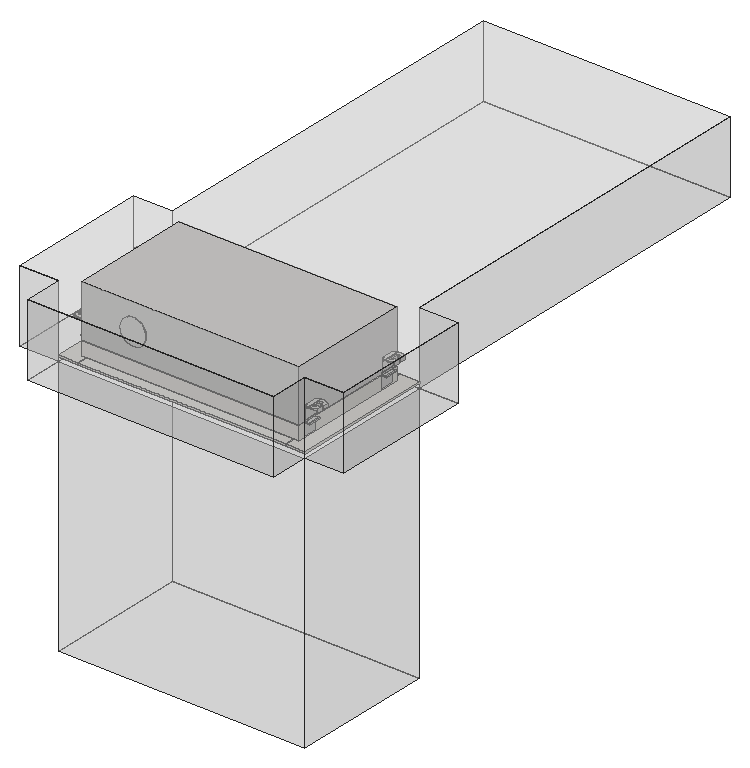
Revit family "outputfile", category 機械設備, Revit 2024
Family settings
  丸型コネクタ寸法 = 半径を使用
  パーツ タイプ = 標準
  OmniClass 番号 = 23.75.10.24.21.27.27
  OmniClass タイトル = Split System Air Conditioning Units
  作業面ベース = いいえ
  常に垂直 = はい
  ロード時にボイドで切り取り = いいえ
  注釈の向きを維持 = いいえ
  共有 = いいえ
  部屋計算ポイント = はい
Parameters (values of type "FXEQ32AV36")
  製造元 = "Daikin"
  書き出し IFC クラス(タイプ) = "IfcUnitaryEquipmentType"
  定義済み IFC タイプ(タイプ) = "AIRCONDITIONINGUNIT"
  モデル = "FXEQ32AV36"
  w_mountinghole = if(Width = 1350 mm, 1303 mm, 903 mm)  # 903 mm
  w_casing = if(Width = 1350 mm, 1240 mm, 840 mm)  # 840 mm
  r_OAduct = OA Duct Size Diameter / 2  # 50 mm
  r_Liquid Pipe Size = Liquid Pipe Size / 2  # 3.2 mm
  r_Gas Pipe Size = Gas Pipe Size / 2  # 6.35 mm
  r_Drain Pipe Size = Drain Pipe Size / 2  # 13.0 mm
  lw_powersuply = w_casing / 2 + 1.5 mm  # 421.5 mm
  lw_gaspipe = w_casing / 2 + 65 mm  # 485 mm
  lw_drainpipe = w_casing / 2 + 32 mm  # 452 mm
  lw_liquidpipe = w_casing / 2 + 55 mm  # 475 mm
  lw_OA = if(Width = 1350 mm, 420 mm, 220 mm)  # 220 mm
  lh_powersuply = 129.2 mm
  lh_liquidpipe = 180 mm
  lh_gaspipe = 138 mm
  lh_drainpipe = 215 mm
  lh_OA = 65 mm
  ld_powersuply = 64.2 mm
  ld_liquidpipe = 26 mm
  ld_gaspipe = 72 mm
  ld_drainpipe = 69 mm
  ld_OA = 235 mm
  h_mountinghole = 115 mm
  h_casing = 255 mm
  h_antenna = h_casing - h_mountinghole + 1 mm  # 141 mm
  d_mountinghole = 371 mm
  d_casing = 470 mm
  Width = 950 mm
  Voltage_comment_50Hz = "220-240"
  Voltage_50Hz = 220 V
  Version = "ver.1.0"
  Unit Type = "Ceiling Mounted Cassette(Single Flow）"
  Unit Mass Weight = 17.00 kg
  Unit Designation [instance] = ""
  Uniclass2015Version = "Products v1.30"
  Uniclass2015Title = "Variable refrigerant flow units"
  Uniclass2015Code = "Pr_70_65_03_94"
  Total Heating Capacity [instance] = 0.000 kW
  Total Cooling Capacity [instance] = 0.000 kW
  Sound Pressure Level_M speed (dBA) = 33
  Sound Pressure Level_L speed (dBA) = 30
  Sound Pressure Level_H speed (dBA) = 35
  Series = "VRV Fan Coil Unit"
  Sensible Cooling Capacity [instance] = 0.000 kW
  Refrigerant Type = "R410A"
  Power Input (Heating) = 0.030 kW
  Power Input (Cooling) = 0.034 kW
  Phase_50Hz = 1
  Option Accessory 3 [instance] = ""
  Option Accessory 2 [instance] = ""
  Option Accessory 1 [instance] = ""
  OA Duct Size Diameter = 100 mm
  Nominal Heating Capacity = 4.000 kW
  Nominal Cooling Capacity = 3.600 kW
  Minimum Circuit Amps_50Hz = 0.4 A
  Minimum Airflow = 330.00 m³/h
  Median Airflow = 420.00 m³/h
  Maximum Fuse Amps_50Hz = 16.0 A
  Maximum Airflow = 480.00 m³/h
  Material_Casing = DAIKIN_GalvanizedSteel_Casing_indoorunit
  Load Classification = HVAC
  Liquid Pipe Size = 6.4 mm
  Link_Nested Family [instance] = ""
  IfcVersion = ""
  IfcExportType = "AIRCONDITIONINGUNIT"
  IfcExportAs = "IfcUnitaryEquipmentType"
  Height = 280 mm
  Heating Entering Wet Bulb Temperature [instance] = 0.00 °C
  Heating Entering Dry Bulb Temperature [instance] = 0.00 °C
  Heating Ambient Wet Bulb Temperature [instance] = 0.00 °C
  Heating Ambient Dry Bulb Temperature [instance] = 0.00 °C
  Heat Exchanger Type = "Cross Fin Coil"
  Gas Pipe Size = 12.7 mm
  Frequency_50Hz = 50 Hz
  Fan Type = "Sirocco Fan"
  Fan Drive = "Direct Drive"
  FCU Tag No. [instance] = ""
  Drain Pipe Size = 26.0 mm
  Design Supply Airflow [instance] = 0.00 m³/h
  Design Outdoor Airflow [instance] = 0.00 m³/h
  Depth = 550 mm
  既定の高さ = 0 mm
  Cooling Entering Wet Bulb Temperature [instance] = 0.00 °C
  Cooling Entering Dry Bulb Temperature [instance] = 0.00 °C
  Cooling Ambient Wet Bulb Temperature [instance] = 0.00 °C
  Cooling Ambient Dry Bulb Temperature [instance] = 0.00 °C
  Clearance visibility [instance] = yes
  Clearance Top = 0 mm
  Clearance Right = 150 mm
  Clearance Rear = 1500 mm
  Clearance Left = 150 mm
  Clearance Front = 150 mm
  Clearance Bottom = 1000 mm
Reference planes
  plane 1 "Center (Front/Back)": y = 0
  plane 2 "ceiling plane": z = 0
  plane 3 "Center (Left/Right)": x = 0
  plane 4 "Back": y = 275
  plane 5 "Front": y = -275
  plane 6 "Left": x = -475
  plane 7 "Right": x = 475
  plane 8 "Top": z = 255
  plane 9 "Bottom": z = -25
  plane 10: x = -420
  plane 11: x = 420
  plane 12: y = 235
  plane 13: y = -235
  plane 14: x = 170
  plane 15: y = 185.5
  plane 16: y = -185.5
  plane 17: x = -451.5
  plane 18: x = 451.5
  plane 19: y = 26
  plane 20: y = 72
  plane 21: y = 69
  plane 22: x = -475
  plane 23: x = -485
  plane 24: x = -452
  plane 25 "Clearance Rear": y = 1775
  plane 26 "Clearance Front": y = -425
  plane 27 "Clearance Left": x = -625
  plane 28 "Clearance Right": x = 625
  plane 29 "Clearance Top": z = 255
  plane 30 "Clearance Bottom": z = -1025
  plane 31: y = -64.2
  plane 32: z = 190
  plane 33: z = 215
  plane 34: y = 69
  plane 35: z = 180
  plane 36: y = 26
  plane 37: z = 138
  plane 38: y = 72
  plane 39: x = -220
Forms (mm)
  Extrusion 1, solid, material "DAIKIN_GalvanizedSteel_Casing_indoorunit" <- "Material_Casing"
    sketch origin (0, 0, 0) x (1, 0, 0) y (0, 1, 0)
      loop
        line (-420, 235) -> (-420, -235) -> (420, -235) -> (420, 235) -> (-420, 235)
    from 55 to 255
  Extrusion 2, solid, material "DAIKIN_GalvanizedSteel_Casing_indoorunit" <- "Material_Casing"
    sketch origin (-1374.64, 235, 1200) x (-1, 0, 0) y (0, 0, 1)
      loop
        circle (-1154.64, -1048) r 50
    from -465 to -470
  Extrusion 3, solid, material "DAIKIN_GalvanizedSteel_Casing_indoorunit" <- "Material_Casing"
    sketch origin (-420, 1296.25, 1200) x (0, 1, 0) y (0, 0, 1)
      loop
        line (-1243.249, -1006) -> (-1211.249, -1006)
        arc (-1211.249, -1006) -> (-1207.714, -1004.536) -> (-1206.249, -1001) r 5
        line (-1206.249, -1001) -> (-1206.249, -969)
        arc (-1206.249, -969) -> (-1207.714, -965.464) -> (-1211.249, -964) r 5
        line (-1211.249, -964) -> (-1243.249, -964)
        arc (-1243.249, -964) -> (-1246.785, -965.464) -> (-1248.249, -969) r 5
        line (-1248.249, -969) -> (-1248.249, -1001)
        arc (-1248.249, -1001) -> (-1246.785, -1004.536) -> (-1243.249, -1006) r 5
    from 0 to -3
  Extrusion 4, solid, material "DAIKIN_GalvanizedSteel_Casing_indoorunit" <- "Material_Casing"
    sketch origin (0, 0, 0) x (1, 0, 0) y (0, 0, 1)
      loop
        line (-438.5, 45) -> (-439.7, 45) -> (-439.7, 30.5)
        arc (-439.7, 30.5) -> (-439.202, 29.298) -> (-438, 28.8) r 1.7
        line (-438, 28.8) -> (-420, 28.8) -> (-420, 30) -> (-438.5, 30) -> (-438.5, 45)
    from 40 to 90
  Extrusion 5, solid, material "DAIKIN_GalvanizedSteel_Casing_indoorunit" <- "Material_Casing"
    sketch origin (0, 0, 0) x (1, 0, 0) y (0, 0, 1)
      loop
        line (-438.5, 31) -> (-437.5, 31) -> (-437.5, 90.772)
        arc (-437.5, 90.772) -> (-437.145, 91.289) -> (-436.535, 91.145) r 0.555
        line (-436.535, 91.145) -> (-428.37, 82.164) -> (-427.63, 82.836) -> (-428.303, 83.576) -> (-435.89, 91.922)
        arc (-435.89, 91.922) -> (-437.541, 92.312) -> (-438.5, 90.913) r 1.5
        line (-438.5, 90.913) -> (-438.5, 31)
    from 40 to 90
  Extrusion 6, solid, material "DAIKIN_GalvanizedSteel_Casing_indoorunit" <- "Material_Casing"
    sketch origin (-420, 1296.25, 1200) x (0, 1, 0) y (0, 0, 1)
      loop
        circle (-1360.45, -1070.8) r 17.5
      loop
        circle (-1415.45, -1105.8) r 17.5
    from 0 to -1.5
  Extrusion 7, solid
    sketch origin (-265.5, 334.5, 0) x (0, 1, 0) y (0, 0, 1)
      loop
        circle (-265.5, 215) r 13
    from -154.5 to -186.5
  Extrusion 8, solid
    sketch origin (-420, 1296.25, 1200) x (0, 1, 0) y (0, 0, 1)
      loop
        circle (-1270.25, -1020) r 3.2
    from 0 to -55
  Extrusion 9, solid
    sketch origin (7, 137, 0) x (0, 1, 0) y (0, 0, 1)
      loop
        circle (-65, 138) r 6.35
    from -427 to -492
  Extrusion 10, solid, material "DAIKIN_GalvanizedSteel_Casing_indoorunit" <- "Material_Casing"
    sketch origin (-420, 1296.25, 1200) x (0, 1, 0) y (0, 0, 1)
      loop
        line (-1239.914, -1060.321) -> (-1240.938, -1060.321)
        arc (-1240.938, -1060.321) -> (-1241.786, -1060.672) -> (-1242.138, -1061.521) r 1.2
        line (-1242.138, -1061.521) -> (-1242.138, -1062.819) -> (-1250.138, -1062.821) -> (-1250.138, -1017.143)
        arc (-1250.138, -1017.143) -> (-1250.43, -1016.436) -> (-1251.138, -1016.143) r 1
        line (-1251.138, -1016.143) -> (-1257.415, -1016.143)
        arc (-1257.415, -1016.143) -> (-1258.122, -1016.436) -> (-1258.415, -1017.143) r 1
        line (-1258.415, -1017.143) -> (-1258.415, -1020)
        arc (-1258.415, -1020) -> (-1270.25, -1031.835) -> (-1282.086, -1020) r 11.835
        line (-1282.086, -1020) -> (-1282.086, -1017.143)
        arc (-1282.086, -1017.143) -> (-1282.379, -1016.436) -> (-1283.086, -1016.143) r 1
        line (-1283.086, -1016.143) -> (-1306.138, -1016.143)
        arc (-1306.138, -1016.143) -> (-1308.259, -1017.022) -> (-1309.138, -1019.143) r 3
        line (-1309.138, -1019.143) -> (-1309.138, -1145) -> (-1189.638, -1145) -> (-1189.638, -1063.321)
        arc (-1189.638, -1063.321) -> (-1190.516, -1061.199) -> (-1192.638, -1060.321) r 3
        line (-1192.638, -1060.321) -> (-1209.75, -1060.321) -> (-1209.75, -1062)
        arc (-1209.75, -1062) -> (-1224.485, -1076.498) -> (-1238.743, -1061.53) r 14.5
        arc (-1238.743, -1061.53) -> (-1239.072, -1060.677) -> (-1239.914, -1060.321) r 1.172
    from 0 to -1
Dimensions and locks
  "Width": plane 6 "Left" to plane 7 "Right"
  "Depth": plane 4 "Back" to plane 5 "Front"
  "Height": plane 8 "Top" to plane 9 "Bottom"
  equal spacing: plane 12, plane 1 "Center (Front/Back)", plane 13
  "d_casing": plane 12 to plane 13
  equal spacing: plane 6 "Left", plane 3 "Center (Left/Right)", plane 7 "Right"
  "w_casing": plane 10 to plane 11
  locked: plane 14 to plane 11 at 250
  "h_casing": plane 8 "Top" to level
  equal spacing: plane 15, plane 1 "Center (Front/Back)", plane 16
  "d_mountinghole": plane 15 to plane 16
  equal spacing: plane 17, plane 3 "Center (Left/Right)", plane 18
  "w_mountinghole": plane 17 to plane 18
  "ld_liquidpipe": plane 1 "Center (Front/Back)" to plane 19
  "ld_gaspipe": plane 1 "Center (Front/Back)" to plane 20
  "ld_drainpipe": plane 1 "Center (Front/Back)" to plane 21
  "Clearance Left": plane 27 "Clearance Left" to plane 6 "Left"
  "Clearance Right": plane 7 "Right" to plane 28 "Clearance Right"
  "Clearance Front": plane 5 "Front" to plane 26 "Clearance Front"
  "Clearance Rear": plane 25 "Clearance Rear" to plane 4 "Back"
  "Clearance Top": plane 29 "Clearance Top" to plane 8 "Top"
  "Clearance Bottom": plane 9 "Bottom" to plane 30 "Clearance Bottom"
  "lh_OA": plane 29 "Clearance Top" to plane 32
  equal spacing: plane 4 "Back", plane 1 "Center (Front/Back)", plane 5 "Front"
  equal spacing: plane 10, plane 3 "Center (Left/Right)", plane 11
  "lw_OA": plane 3 "Center (Left/Right)" to Extrusion 2 sketch curve
  Extrusion 2 sketch curve to level = 152 mm
  locked: plane 10 to Extrusion 4 sketch curve at 18.5
  locked: Extrusion 4 sketch curve to Extrusion 4 sketch curve at 1.2
  locked: Extrusion 4 to Extrusion 5 sketch curve at 1
  "ld_powersuply": plane 31 to plane 1 "Center (Front/Back)"
  "lw_drainpipe": plane 24 to plane 3 "Center (Left/Right)"
  "ld_drainpipe": plane 34 to plane 1 "Center (Front/Back)"
  locked: Extrusion 7 sketch curve to level at 215
  "lw_liquidpipe": plane 22 to plane 3 "Center (Left/Right)"
  "lw_gaspipe": plane 23 to plane 3 "Center (Left/Right)"
  "lw_OA": plane 39 to plane 3 "Center (Left/Right)"
  "r_Drain Pipe Size": radius of Extrusion 7 sketch curve
  "r_Liquid Pipe Size": radius of Extrusion 8 sketch curve
  "r_Gas Pipe Size": radius of Extrusion 9 sketch curve
  aligned and locked: level to plane 2 "ceiling plane"
  aligned and locked: plane 6 "Left" to nested 1
  aligned and locked: plane 9 "Bottom" to nested 1
  aligned and locked: Extrusion 1 sketch curve to plane 10
  aligned and locked: plane 12 to Extrusion 1 sketch curve
  aligned and locked: Extrusion 1 sketch curve to plane 13
  aligned and locked: plane 11 to Extrusion 1 sketch curve
  aligned and locked: plane 8 "Top" to Extrusion 1
  aligned and locked: plane 11 to nested 2
  aligned and locked: plane 10 to nested 3
  aligned and locked: nested 7 to plane 15
  aligned and locked: plane 18 to nested 7
  aligned and locked: nested 6 to plane 16
  aligned and locked: plane 18 to nested 6
  aligned and locked: nested 4 to plane 15
  aligned and locked: plane 17 to nested 4
  aligned and locked: nested 5 to plane 16
  aligned and locked: plane 17 to nested 5
  aligned and locked: plane 1 "Center (Front/Back)" to nested 8
  aligned and locked: plane 3 "Center (Left/Right)" to nested 8
  aligned and locked: plane 29 "Clearance Top" to nested 8
  aligned and locked: plane 1 "Center (Front/Back)" to nested 1
  aligned and locked: plane 3 "Center (Left/Right)" to nested 1
  aligned and locked: nested 3 to plane 15
  aligned and locked: nested 9 to plane 16
  aligned and locked: plane 10 to nested 9
  aligned and locked: plane 15 to nested 2
  aligned and locked: plane 16 to nested 10
  aligned and locked: plane 11 to nested 10
  aligned and locked: Extrusion 2 to plane 13
  aligned and locked: Extrusion 4 sketch curve to plane 10
  aligned and locked: Extrusion 4 to Extrusion 5 sketch curve
  aligned and locked: plane 3 "Center (Left/Right)" to nested 11
  aligned and locked: nested 12 to plane 3 "Center (Left/Right)"
  aligned and locked: plane 34 to Extrusion 7 sketch curve
  aligned and locked: Extrusion 7 to plane 24
  aligned and locked: plane 10 to Extrusion 7
  aligned and locked: nested 13 to plane 19
  aligned and locked: nested 13 to plane 3 "Center (Left/Right)"
  aligned and locked: plane 35 to Extrusion 8 sketch curve
  aligned and locked: plane 36 to Extrusion 8 sketch curve
  aligned and locked: Extrusion 8 to plane 22
  aligned and locked: nested 14 to plane 3 "Center (Left/Right)"
  aligned and locked: plane 37 to Extrusion 9 sketch curve
  aligned and locked: plane 38 to Extrusion 9 sketch curve
  aligned and locked: Extrusion 9 to plane 23
  aligned and locked: plane 10 to Extrusion 9
  aligned and locked: plane 39 to nested 15
  aligned and locked: plane 1 "Center (Front/Back)" to nested 15
Automatic sketch dimensions
  Extrusion 3 sketch curve to plane 1 "Center (Front/Back)" = 48.001 mm
  Extrusion 3 sketch curve to Extrusion 3 sketch curve = 5 mm  (x3)
  plane 32 to Extrusion 3 sketch curve = 4 mm
  Extrusion 3 sketch curve to Extrusion 3 sketch curve = 32 mm
  Extrusion 3 sketch curve to Extrusion 3 sketch curve = 0 mm
  Extrusion 3 sketch curve to plane 8 "Top" = 24 mm
  plane 17 to Extrusion 4 sketch curve = 13.5 mm
  level to Extrusion 4 sketch curve = 28.8 mm
  Extrusion 4 sketch curve to Extrusion 4 sketch curve = 0.5 mm
  Extrusion 4 sketch curve to Extrusion 4 sketch curve = 14.5 mm
  Extrusion 5 sketch curve to Extrusion 5 sketch curve = 0.5 mm
  Extrusion 5 sketch curve to Extrusion 5 sketch curve = 0.055 mm
  Extrusion 5 sketch curve to Extrusion 5 sketch curve = 0.465 mm
  Extrusion 5 sketch curve to Extrusion 5 sketch curve = 0.645 mm
  Extrusion 5 sketch curve to plane 10 = 8.37 mm
  Extrusion 5 sketch curve to Extrusion 5 sketch curve = 0.067 mm
  Extrusion 5 sketch curve to Extrusion 5 sketch curve = 0.673 mm  (x2)
  level to Extrusion 5 sketch curve = 31 mm
  Extrusion 5 sketch curve to Extrusion 5 sketch curve = 51.164 mm
  Extrusion 5 sketch curve to Extrusion 5 sketch curve = 0.74 mm
  Extrusion 5 sketch curve to Extrusion 5 sketch curve = 0.141 mm
  Extrusion 10 sketch curve to plane 19 = 0 mm
  Extrusion 10 sketch curve to plane 20 = 0 mm
  Extrusion 10 sketch curve to Extrusion 10 sketch curve = 11.835 mm
  Extrusion 10 sketch curve to Extrusion 10 sketch curve = 1 mm  (x2)
  Extrusion 10 sketch curve to plane 32 = 6.143 mm
  plane 1 "Center (Front/Back)" to Extrusion 10 sketch curve = 9.887 mm
  plane 1 "Center (Front/Back)" to Extrusion 10 sketch curve = 12.887 mm
  Extrusion 10 sketch curve to Extrusion 10 sketch curve = 6.277 mm
  plane 19 to Extrusion 10 sketch curve = 20.113 mm
  Extrusion 10 sketch curve to Extrusion 10 sketch curve = 8 mm
  Extrusion 10 sketch curve to Extrusion 10 sketch curve = 1.2 mm
  Extrusion 10 sketch curve to Extrusion 10 sketch curve = 1.024 mm
  Extrusion 10 sketch curve to Extrusion 10 sketch curve = 0 mm  (x3)
  plane 20 to Extrusion 10 sketch curve = 14.5 mm
  Extrusion 10 sketch curve to Extrusion 10 sketch curve = 17.113 mm
  Extrusion 10 sketch curve to Extrusion 10 sketch curve = 3 mm
  Extrusion 10 sketch curve to plane 32 = 10 mm
  Extrusion 10 sketch curve to Extrusion 10 sketch curve = 40.321 mm
  Extrusion 10 sketch curve to Extrusion 10 sketch curve = 1.172 mm
  Extrusion 10 sketch curve to Extrusion 10 sketch curve = 1.679 mm
  Extrusion 10 sketch curve to Extrusion 10 sketch curve = 1.298 mm
  Extrusion 10 sketch curve to Extrusion 10 sketch curve = 0.002 mm
  level to Extrusion 10 sketch curve = 55 mm
  Extrusion 10 sketch curve to Extrusion 10 sketch curve = 2.857 mm
  radius of Extrusion 2 sketch curve = 50 mm
Nested families
  nested 1: "daikin_round flow_panel" at (0, 0, 0), type "fresh white"
  nested 2: "daikin_hangerfixture_FXEQ-AV36" at (420, 185.5, 115) x (0, 1, 0) z (0, 0, 1), built-in parameter 1001364 <- "h_mountinghole", type "daikin_hangerfixture_FXEQ-AV36"
  nested 3: "daikin_hangerfixture_FXEQ-AV36" at (-420, 185.5, 115) x (0, 1, 0) z (0, 0, 1), built-in parameter 1001364 <- "h_mountinghole", type "daikin_hangerfixture_FXEQ-AV36"
  nested 4: "daikin_mountinghole" at (-451.5, 185.5, 0), l_antenna <- "h_antenna", Link_Nested Family <- "Link_Nested Family", h_mountinghole <- "h_mountinghole", type "daikin_mountinghole"
    with show yes, l_antenna 141 mm, h_mountinghole 115 mm, Link_Nested Family ""
  nested 5: "daikin_mountinghole" at (-451.5, -185.5, 0), l_antenna <- "h_antenna", Link_Nested Family <- "Link_Nested Family", h_mountinghole <- "h_mountinghole", type "daikin_mountinghole"
    with show yes, l_antenna 141 mm, h_mountinghole 115 mm, Link_Nested Family ""
  nested 6: "daikin_mountinghole" at (451.5, -185.5, 0), l_antenna <- "h_antenna", Link_Nested Family <- "Link_Nested Family", h_mountinghole <- "h_mountinghole", type "daikin_mountinghole"
    with show yes, l_antenna 141 mm, h_mountinghole 115 mm, Link_Nested Family ""
  nested 7: "daikin_mountinghole" at (451.5, 185.5, 0), l_antenna <- "h_antenna", Link_Nested Family <- "Link_Nested Family", h_mountinghole <- "h_mountinghole", type "daikin_mountinghole"
    with show yes, l_antenna 141 mm, h_mountinghole 115 mm, Link_Nested Family ""
  nested 8: "daikin_clearancespace_cassette" at (0, 0, 115), depth_outline <- "Depth", height_outline <- "Height", width_outline <- "Width", depth_front <- "Clearance Front", depth_rear <- "Clearance Rear", height_bottom <- "Clearance Bottom", height_top <- "Clearance Top", width_left <- "Clearance Left", width_right <- "Clearance Right", show <- "Clearance visibility", visible <- "Clearance visibility", Link_Nested Family <- "Link_Nested Family", type "daikin_clearancespace_cassette"
    with width_right 150 mm, width_outline 950 mm, width_left 150 mm, width 1823.963 mm, show yes, height_top 0 mm, height_outline 280 mm, height_bottom 1000 mm, height 1359.762 mm, depth_rear 1500 mm, depth_outline 550 mm, depth_front 150 mm, depth 880 mm, Link_Nested Family ""
  nested 9: "daikin_hangerfixture_FXEQ-AV36" at (-420, -185.5, 115) x (0, 1, 0) z (0, 0, 1), built-in parameter 1001364 <- "h_mountinghole", type "daikin_hangerfixture_FXEQ-AV36"
  nested 10: "daikin_hangerfixture_FXEQ-AV36" at (420, -185.5, 115) x (0, 1, 0) z (0, 0, 1), built-in parameter 1001364 <- "h_mountinghole", type "daikin_hangerfixture_FXEQ-AV36"
  nested 11: "daikin_connector_rotate2" at (0, -64.2, 129.2) x (0, 1, 0) z (0, 0, 1), length <- "lw_powersuply", built-in parameter 1001364 <- "lh_powersuply", type "daikin_connector_rotate2"
    with radius 10 mm, length 421.5 mm, angle_vertical 90.00°
  nested 12: "daikin_connector_rotate2" at (0, 69, 215) x (0, -1, 0) z (0, 0, 1), built-in parameter 1001364 <- "lh_drainpipe", radius <- "r_Drain Pipe Size", length <- "lw_drainpipe", type "daikin_connector_rotate2"
    with radius 13 mm, length 452 mm, angle_vertical 90.00°
  nested 13: "daikin_connector_rotate2" at (0, 26, 180) x (0, -1, 0) z (0, 0, 1), built-in parameter 1001364 <- "lh_liquidpipe", radius <- "r_Liquid Pipe Size", length <- "lw_liquidpipe", type "daikin_connector_rotate2"
    with radius 3.2 mm, length 475 mm, angle_vertical 90.00°
  nested 14: "daikin_connector_rotate2" at (0, 72, 138) x (0, -1, 0) z (0, 0, 1), built-in parameter 1001364 <- "lh_gaspipe", radius <- "r_Gas Pipe Size", length <- "lw_gaspipe", type "daikin_connector_rotate2"
    with radius 6.35 mm, length 485 mm, angle_vertical 90.00°
  nested 15: "daikin_connector_rotate2" at (-220, 0, 152), radius <- "r_OAduct", length <- "ld_OA", type "daikin_connector_rotate2"
    with radius 50 mm, length 235 mm, angle_vertical 90.00°
Connectors
  electrical at (-421.5, -64.2, 129.2), driven by "Load Classification"
    settings: on nested 11, index 6, voltage 0 V, apparent load 0 VA, apparent load phase1 0 VA, apparent load phase2 0 VA, apparent load phase3 0 VA, power factor 1, load classification "HVAC", number of poles 1, system type 30, power factor state 1, is connector primary yes, connector utility no, sub classification motor no, connector description "Power Supply"
  piping at (-452, 69, 215), diameter 26, driven by "r_Drain Pipe Size"
    settings: on nested 12, index 7, connector inside diameter 609.6 mm, connector length 0 mm, flow factor 0, pipe flow 0.00 m³/h, pressure drop 0.0 Pa, fitting loss kfactor 0, connector angle 0.00°, fixture units 0, engagement length 0 mm, angle of deflection 0.00°, flow configuration 1, flow direction 2, fitting loss method 4, system type 16, joint type 0, gender type 0, connector reference index -1, connector utility 0, adjustable connector no, is connector primary yes, connector description "Condensate Drain Piping"
  piping at (-475, 26, 180), diameter 6.4, driven by "r_Liquid Pipe Size"
    settings: on nested 13, index 8, connector inside diameter 609.6 mm, connector length 0 mm, flow factor 0, pipe flow 0.00 m³/h, pressure drop 0.0 Pa, fitting loss kfactor 0, connector angle 0.00°, fixture units 0, engagement length 0 mm, angle of deflection 0.00°, flow configuration 1, flow direction 1, fitting loss method 0, system type 29, joint type 0, gender type 0, connector reference index -1, connector utility 0, adjustable connector no, is connector primary no, connector description "Refrigerant Liquid Piping"
  hvac at (-220, -235, 152), driven by "r_OAduct"
    settings: on Extrusion 2, index 9, duct flow 0.00 m³/h, flow factor 0, pres drop 0.00 Pa, loss coef 0, conn angle 0.00°, conn width 304.8 mm, conn height 304.8 mm, conn diameter 100.0 mm, duct sys type 1, conn prof type 0, flow config 0, flow direction 1, loss method 4, conn ref index -1, conn util no, is conn primary yes, conn desc "OA Duct"
  piping at (-485, 72, 138), diameter 12.7, driven by "r_Gas Pipe Size"
    settings: on nested 14, index 10, connector inside diameter 609.6 mm, connector length 0 mm, flow factor 0, pipe flow 0.00 m³/h, pressure drop 0.0 Pa, fitting loss kfactor 0, connector angle 0.00°, fixture units 0, engagement length 0 mm, angle of deflection 0.00°, flow configuration 1, flow direction 2, fitting loss method 0, system type 29, joint type 0, gender type 0, connector reference index -1, connector utility 0, adjustable connector no, is connector primary no, connector description "Refrigerant Gas Piping"
Definition of nested family "daikin_round flow_panel"
  Parameters (values of type "fresh white")
    width = if(W = 950 mm, 950 mm, 1350 mm)  # 950 mm
    w_casing = width - 110 mm  # 840 mm
    material_panel = none
    material_casing = none
    height = 50 mm
    depth = 550 mm  # constant formula
    d_casing = 470 mm  # constant formula
    W = 950 mm
    Default Elevation = 0 mm
    L = if(W = 950 mm, 170 mm, 208 mm)  # 170 mm
  Reference planes
    plane 1 "Center (Front/Back)": y = 0
    plane 2: z = 0
    plane 3 "Center (Left/Right)": x = 0
    plane 4: y = 275
    plane 5: y = -275
    plane 6: x = -475
    plane 7: x = 475
    plane 8 "Bottom": z = -25
    plane 9: y = 235
    plane 10: y = -235
    plane 11: x = -420
    plane 12: x = 420
    plane 13: z = 50
    plane 14: x = -305
  Forms (mm)
    Extrusion 1, solid, material <- "material_panel"
      sketch origin (0, 0, 0) x (1, 0, 0) y (0, 0, 1)
        loop
          line (-400, -25) -> (-400, 0) -> (-475, 0) -> (-475, -8.325)
          arc (-475, -8.325) -> (-438.157, -19.618) -> (-400, -25) r 245.193
        loop
          arc (400, -25) -> (438.157, -19.618) -> (475, -8.325) r 245.193
          line (475, -8.325) -> (475, 0) -> (400, 0) -> (400, -25)
      from -275 to 275
    Extrusion 2, solid, material <- "material_panel"
      sketch origin (0, 0, 0) x (1, 0, 0) y (0, 0, 1)
        loop
          line (-400, 0) -> (-400, -17.308) -> (400, -17.303) -> (400, 0) -> (-400, 0)
      from 235 to 275
    Extrusion 3, solid, material <- "material_panel"
      sketch origin (0, 510, 0) x (1, 0, 0) y (0, 0, 1)
        loop
          line (-400, 0) -> (-400, -17.308) -> (400, -17.303) -> (400, 0) -> (-400, 0)
      from 235 to 275
    Extrusion 4, solid, material <- "material_panel"
      sketch origin (0, 0, 0) x (1, 0, 0) y (0, 0, 1)
        loop
          line (-400, 0) -> (-400, -23) -> (400, -23) -> (400, 0) -> (-400, 0)
      from 5 to 235
    Extrusion 5, solid, material <- "material_panel"
      sketch origin (0, 0, 0) x (1, 0, 0) y (0, 0, 1)
        loop
          line (-400, 0) -> (-400, -25) -> (400, -25) -> (400, 0) -> (-400, 0)
      from 5 to -150
    Extrusion 6, solid, material <- "material_panel"
      sketch origin (0, 0, 0) x (1, 0, 0) y (0, 1, 0)
        loop
          line (-400, 235) -> (-400, 179) -> (-305, 179) -> (-305, 235) -> (-400, 235)
      from 0 to -17.308
    Extrusion 7, solid, material <- "material_panel"
      sketch origin (0, 0, 0) x (1, 0, 0) y (0, 1, 0)
        loop
          line (-400, 179) -> (-400, 150) -> (-305, 150) -> (-305, 179) -> (-400, 179)
      from 0 to -17.3
    Extrusion 8, solid, material <- "material_panel"
      sketch origin (0, 0, 0) x (1, 0, 0) y (0, 1, 0)
        loop
          line (-305, 235) -> (-305, 202.5) -> (400, 202.5) -> (400, 235) -> (-305, 235)
      from 0 to -17.3
    Extrusion 9, solid, material <- "material_panel"
      sketch origin (0, 0, 0) x (1, 0, 0) y (0, 1, 0)
        loop
          line (-305, 202.5) -> (-305, 179) -> (400, 179) -> (400, 202.5) -> (-305, 202.5)
      from 0 to -17.3
    Extrusion 10, solid, material <- "material_panel"
      sketch origin (0, 0, 0) x (1, 0, 0) y (0, 1, 0)
        loop
          line (-420, 235) -> (-420, -235) -> (420, -235) -> (420, 235) -> (-420, 235)
      from 0 to 50
    Extrusion 11, void
      sketch origin (0, 0, 0) x (0, 1, 0) y (0, 0, 1)
        loop
          line (-275, -7.476) -> (-275, -25) -> (-152.477, -25)
          arc (-152.477, -25) -> (-214.362, -20.597) -> (-275, -7.476) r 437.093
        loop
          arc (275, -7.476) -> (214.362, -20.597) -> (152.477, -25) r 437.093
          line (152.477, -25) -> (275, -25) -> (275, -7.476)
      from 475 to -475
  Cuts and joins
    Extrusion 11 cuts Extrusion 2
    Extrusion 11 cuts Extrusion 3
    Extrusion 11 cuts Extrusion 4
    Extrusion 11 cuts Extrusion 1
  Dimensions and locks
    "width": plane 6 to plane 7
    "depth": plane 4 to plane 5
    equal spacing: plane 6, plane 3 "Center (Left/Right)", plane 7
    equal spacing: plane 4, plane 1 "Center (Front/Back)", plane 5
    equal spacing: plane 9, plane 1 "Center (Front/Back)", plane 10
    "d_casing": plane 9 to plane 10
    equal spacing: plane 11, plane 3 "Center (Left/Right)", plane 12
    "w_casing": plane 11 to plane 12
    locked: level to plane 8 "Bottom" at 25
    "height": plane 13 to level
    locked: Extrusion 1 sketch curve to Extrusion 1 sketch curve at 75  (x2)
    locked: plane 9 to Extrusion 6 sketch curve at 56
    "L": plane 6 to plane 14
    aligned and locked: level to plane 2
    aligned and locked: Extrusion 1 sketch curve to level
    aligned and locked: level to Extrusion 1 sketch curve
    aligned and locked: plane 4 to Extrusion 1
    aligned and locked: Extrusion 1 to plane 5
    aligned and locked: Extrusion 1 to plane 6
    aligned and locked: plane 7 to Extrusion 1
    aligned and locked: Extrusion 2 sketch curve to level
    aligned and locked: Extrusion 1 to Extrusion 2 sketch curve
    aligned and locked: Extrusion 2 sketch curve to Extrusion 1
    aligned and locked: plane 4 to Extrusion 3
    aligned and locked: Extrusion 3 to plane 9
    aligned and locked: Extrusion 4 sketch curve to Extrusion 1
    aligned and locked: Extrusion 1 to Extrusion 4 sketch curve
    aligned and locked: Extrusion 4 to plane 10
    aligned and locked: Extrusion 5 sketch curve to level
    aligned and locked: plane 8 "Bottom" to Extrusion 5 sketch curve
    aligned and locked: Extrusion 5 sketch curve to Extrusion 1  (x2)
    aligned and locked: Extrusion 6 sketch curve to plane 9
    aligned and locked: Extrusion 1 to Extrusion 7 sketch curve
    aligned and locked: Extrusion 7 sketch curve to plane 14
    aligned and locked: Extrusion 6 to Extrusion 7 sketch curve
    aligned and locked: Extrusion 5 to Extrusion 7 sketch curve
    aligned and locked: Extrusion 8 sketch curve to plane 9
    aligned and locked: plane 14 to Extrusion 8 sketch curve
    aligned and locked: Extrusion 1 to Extrusion 8 sketch curve
    aligned and locked: plane 14 to Extrusion 9 sketch curve
    aligned and locked: Extrusion 9 sketch curve to Extrusion 8
    aligned and locked: Extrusion 9 sketch curve to Extrusion 7
    aligned and locked: Extrusion 1 to Extrusion 9 sketch curve
    aligned and locked: plane 14 to Extrusion 6
    aligned and locked: plane 11 to Extrusion 10 sketch curve
    aligned and locked: Extrusion 10 sketch curve to plane 12
    aligned and locked: plane 10 to Extrusion 10 sketch curve
    aligned and locked: Extrusion 10 sketch curve to plane 9
    aligned and locked: plane 13 to Extrusion 10
    aligned and locked: plane 8 "Bottom" to Extrusion 1 sketch curve  (x2)
    aligned and locked: Extrusion 11 sketch curve to plane 8 "Bottom"
    aligned and locked: Extrusion 11 sketch curve to plane 5
    aligned and locked: plane 7 to Extrusion 11
    aligned and locked: Extrusion 11 to plane 6
  Automatic sketch dimensions
    Extrusion 1 sketch curve to plane 6 = 0 mm
    Extrusion 1 sketch curve to plane 7 = 0 mm
    plane 11 to Extrusion 1 sketch curve = 35.058 mm
    Extrusion 1 sketch curve to plane 12 = 35.058 mm
    Extrusion 1 sketch curve to level = 8.325 mm  (x2)
    plane 8 "Bottom" to Extrusion 2 sketch curve = 7.697 mm
    plane 8 "Bottom" to Extrusion 2 sketch curve = 7.692 mm
    Extrusion 3 sketch curve to level = 0 mm
    plane 8 "Bottom" to Extrusion 3 sketch curve = 7.692 mm
    plane 11 to Extrusion 3 sketch curve = 20 mm
    plane 8 "Bottom" to Extrusion 3 sketch curve = 7.697 mm
    Extrusion 3 sketch curve to plane 12 = 20 mm
    Extrusion 4 sketch curve to level = 0 mm
    plane 8 "Bottom" to Extrusion 4 sketch curve = 2 mm
    plane 11 to Extrusion 6 sketch curve = 20 mm
    Extrusion 6 sketch curve to Extrusion 6 sketch curve = 95 mm
    Extrusion 8 sketch curve to plane 9 = 32.5 mm
    Extrusion 11 sketch curve to plane 8 "Bottom" = 0 mm
    Extrusion 11 sketch curve to plane 4 = 0 mm
    plane 10 to Extrusion 11 sketch curve = 82.523 mm
    Extrusion 11 sketch curve to plane 9 = 82.523 mm
    Extrusion 11 sketch curve to level = 7.476 mm  (x2)
Definition of nested family "daikin_hangerfixture_FXEQ-AV36"
  Parameters (values of type "daikin_hangerfixture_FXEQ-AV36")
    width = 495 mm
    material = none
    height = 40 mm
    depth = 40 mm
    Default Elevation = 0 mm
  Reference planes
    plane 1 "Center (Front/Back)": y = 0
    plane 2: z = 0
    plane 3 "Center (Left/Right)": x = 0
  Forms (mm)
    Extrusion 1, solid, material <- "material"
      sketch origin (0, 0, 0) x (0, 1, 0) y (0, 0, 1)
        loop
          line (-49.5, -1.6) -> (-17, -1.6) -> (-14, -4.6) -> (-4.6, -4.6) -> (-4.6, -51.598) -> (-1.601, -54.597) -> (-1.6, -60) -> (-17, -60) -> (-17, -61.598) -> (0, -61.598) -> (0, 0) -> (-51.1, 0) -> (-51.1, -11.6) -> (-49.5, -11.6) -> (-49.5, -1.6)
      from -32.001 to 31.999
    Extrusion 2, void
      sketch origin (0, 0, 0) x (1, 0, 0) y (0, 1, 0)
        loop
          arc (-12.501, -25.5) -> (-18.501, -31.5) -> (-12.501, -37.5) r 6
          line (-12.501, -37.5) -> (-6.501, -37.5) -> (-6.501, -51.1) -> (6.499, -51.1) -> (6.499, -37.5) -> (12.499, -37.5)
          arc (12.499, -37.5) -> (18.499, -31.5) -> (12.499, -25.5) r 6
          line (12.499, -25.5) -> (-12.501, -25.5)
        loop
          line (-25.001, 0) -> (-32.001, 0) -> (-32.001, -14) -> (-25.001, -7.5) -> (-25.001, 0)
        loop
          line (24.999, 0) -> (24.999, -7.5) -> (31.999, -14) -> (31.999, 0) -> (24.999, 0)
        loop
          line (22.999, -49.5) -> (22.999, -51.1) -> (31.999, -51.1) -> (31.999, -28.715)
          arc (31.999, -28.715) -> (29.652, -40.04) -> (22.999, -49.5) r 28.5
        loop
          line (-32.001, -28.715) -> (-32.001, -51.1) -> (-23.001, -51.1) -> (-23.001, -49.5)
          arc (-23.001, -49.5) -> (-29.654, -40.04) -> (-32.001, -28.715) r 28.5
      from -61.6 to 0
    Extrusion 3, solid, material <- "material"
      sketch origin (0, 0, 0) x (0, 1, 0) y (0, 0, 1)
        loop
          line (0, -61.598) -> (-20, -61.598) -> (-20, -63.198) -> (-1.6, -63.198) -> (-1.6, -107.598) -> (0, -107.598) -> (0, -61.598)
      from -24.998 to 25.002
    Extrusion 4, void
      sketch origin (0, 0, 0) x (1, 0, 0) y (0, 0, 1)
        loop
          line (24.999, -59.998) -> (24.999, -61.598) -> (31.999, -61.598) -> (31.999, -59.998) -> (24.999, -59.998)
        loop
          line (-25.001, -59.998) -> (-32.001, -59.998) -> (-32.001, -61.598) -> (-25.001, -61.598) -> (-25.001, -59.998)
      from 0 to 17
  Cuts and joins
    Extrusion 2, Extrusion 4 cuts Extrusion 1
  Dimensions and locks
    aligned and locked: level to plane 2
    aligned and locked: level to Extrusion 2
  Automatic sketch dimensions
    Extrusion 1 sketch curve to level = 0 mm
    Extrusion 1 sketch curve to plane 1 "Center (Front/Back)" = 0 mm
    plane 1 "Center (Front/Back)" to Extrusion 1 sketch curve = 1.6 mm
    plane 1 "Center (Front/Back)" to Extrusion 1 sketch curve = 1.601 mm
    Extrusion 1 sketch curve to Extrusion 1 sketch curve = 2.999 mm  (x2)
    Extrusion 1 sketch curve to level = 4.6 mm
    Extrusion 1 sketch curve to Extrusion 1 sketch curve = 9.4 mm
    Extrusion 1 sketch curve to Extrusion 1 sketch curve = 15.4 mm
    Extrusion 1 sketch curve to level = 1.6 mm
    Extrusion 1 sketch curve to Extrusion 1 sketch curve = 3 mm
    Extrusion 1 sketch curve to Extrusion 1 sketch curve = 32.5 mm
    Extrusion 1 sketch curve to Extrusion 1 sketch curve = 1.6 mm
    Extrusion 1 sketch curve to Extrusion 1 sketch curve = 10 mm
    Extrusion 1 sketch curve to Extrusion 1 sketch curve = 46.998 mm
    Extrusion 1 sketch curve to Extrusion 1 sketch curve = 5.403 mm
    Extrusion 1 sketch curve to Extrusion 1 sketch curve = 1.598 mm
    plane 1 "Center (Front/Back)" to Extrusion 2 sketch curve = 0 mm  (x2)
    Extrusion 2 sketch curve to plane 3 "Center (Left/Right)" = 32.001 mm
    Extrusion 2 sketch curve to Extrusion 2 sketch curve = 0 mm
    plane 1 "Center (Front/Back)" to Extrusion 2 sketch curve = 7.5 mm  (x2)
    Extrusion 2 sketch curve to Extrusion 2 sketch curve = 7 mm  (x2)
    Extrusion 2 sketch curve to Extrusion 2 sketch curve = 9 mm  (x3)
    Extrusion 2 sketch curve to plane 3 "Center (Left/Right)" = 12.501 mm
    Extrusion 2 sketch curve to plane 3 "Center (Left/Right)" = 6.501 mm
    Extrusion 2 sketch curve to plane 3 "Center (Left/Right)" = 3.501 mm
    plane 3 "Center (Left/Right)" to Extrusion 2 sketch curve = 3.499 mm
    plane 3 "Center (Left/Right)" to Extrusion 2 sketch curve = 6.499 mm
    plane 3 "Center (Left/Right)" to Extrusion 2 sketch curve = 24.999 mm
    Extrusion 2 sketch curve to Extrusion 2 sketch curve = 6.5 mm  (x2)
    Extrusion 2 sketch curve to Extrusion 2 sketch curve = 18 mm
    Extrusion 2 sketch curve to Extrusion 2 sketch curve = 3.215 mm
    Extrusion 2 sketch curve to Extrusion 2 sketch curve = 14.715 mm
    Extrusion 2 sketch curve to Extrusion 2 sketch curve = 6 mm  (x2)
    Extrusion 2 sketch curve to Extrusion 2 sketch curve = 12 mm
    Extrusion 2 sketch curve to Extrusion 2 sketch curve = 13.6 mm
    Extrusion 2 sketch curve to Extrusion 2 sketch curve = 1.6 mm  (x2)
    Extrusion 3 sketch curve to Extrusion 3 sketch curve = 1.6 mm
    Extrusion 3 sketch curve to Extrusion 3 sketch curve = 18.4 mm
    Extrusion 3 sketch curve to plane 1 "Center (Front/Back)" = 0 mm
    plane 1 "Center (Front/Back)" to Extrusion 3 sketch curve = 1.6 mm
    Extrusion 3 sketch curve to Extrusion 3 sketch curve = 44.4 mm
    Extrusion 3 sketch curve to level = 61.598 mm
    Extrusion 4 sketch curve to plane 3 "Center (Left/Right)" = 32.001 mm
    Extrusion 4 sketch curve to Extrusion 4 sketch curve = 7 mm  (x2)
    plane 3 "Center (Left/Right)" to Extrusion 4 sketch curve = 24.999 mm
    Extrusion 4 sketch curve to level = 61.598 mm
    Extrusion 4 sketch curve to Extrusion 4 sketch curve = 0 mm
    Extrusion 4 sketch curve to Extrusion 4 sketch curve = 1.6 mm  (x2)
Definition of nested family "daikin_clearancespace_cassette"
  Parameters (values of type "daikin_clearancespace_cassette")
    Description = "daikin_clearancespace"
    width_right [instance] = 260 mm
    width_outline [instance] = 1303.963 mm
    width_left [instance] = 260 mm
    width [instance] = 1823.963 mm
    show [instance] = yes
    material = none
    height_top [instance] = 299.643 mm
    height_outline [instance] = 760.238 mm
    height_bottom [instance] = 299.881 mm
    height [instance] = 1359.762 mm
    depth_rear [instance] = 200 mm
    depth_outline [instance] = 480 mm
    depth_front [instance] = 200 mm
    depth [instance] = 880 mm
    Default Elevation = 0 mm
    Link_Nested Family [instance] = ""
  Reference planes
    plane 1 "Center (Front/Back)": y = 0
    plane 2 "Center (Elevation)": z = -0.119
    plane 3 "Center (Left/Right)": x = 0
    plane 4: y = 440
    plane 5: y = -440
    plane 6 "Right": x = 911.982
    plane 7 "Left": x = -911.982
    plane 8 "Top": z = 679.762
    plane 9 "Bottom": z = -680
    plane 10: y = 240
    plane 11: y = -240
    plane 12 "left_outline": x = -651.982
    plane 13 "right_outline": x = 651.982
    plane 14 "top_outline": z = 380.119
    plane 15 "bottom_outline": z = -380.119
  Forms (mm)
    Extrusion 1, solid, material <- "material", visible <- "show"
      sketch origin (0, 0, 0) x (1, 0, 0) y (0, 1, 0)
        loop
          line (-651.982, 440) -> (-651.982, 240) -> (-911.982, 240) -> (-911.982, -240) -> (-651.982, -240) -> (-651.982, -440) -> (651.982, -440) -> (651.982, -240) -> (911.982, -240) -> (911.982, 240) -> (651.982, 240) -> (651.982, 440) -> (-651.982, 440)
      from -380.119 to 380.119
    Extrusion 2, solid, material <- "material", visible <- "show"
      sketch origin (0, 0, 0) x (1, 0, 0) y (0, 1, 0)
        loop
          line (-651.982, 240) -> (-651.982, -240) -> (651.982, -240) -> (651.982, 240) -> (-651.982, 240)
      from -680 to 679.762
  Cuts and joins
    joined: Extrusion 1, Extrusion 2
  Lines and regions (mm)
    symbolic lines, visible <- "show"
      curve 1: line (651.982, 440, 0) -> (-651.982, 440, 0)
      curve 2: line (-911.982, 240, 0) -> (-911.982, -240, 0)
      curve 3: line (-651.982, -440, 0) -> (651.982, -440, 0)
      curve 4: line (911.982, -240, 0) -> (911.982, 240, 0)
      curve 5: line (-651.982, 0, 380.119) -> (-911.982, 0, 380.119)
      curve 6: line (911.982, 0, -380.119) -> (911.982, 0, 380.119)
      curve 7: line (-911.982, 0, 380.119) -> (-911.982, 0, -380.119)
      curve 8: line (0, 440, 380.119) -> (0, 240, 380.119)
      curve 9: line (0, -440, 380.119) -> (0, -440, -380.119)
      curve 10: line (0, 440, -380.119) -> (0, 440, 380.119)
      curve 11: line (0, 240, -380.119) -> (0, 440, -380.119)
      curve 12: line (-651.982, 240, 0) -> (-911.982, 240, 0)
      curve 13: line (-651.982, 440, 0) -> (-651.982, 240, 0)
      curve 14: line (651.982, 240, 0) -> (651.982, 440, 0)
      curve 15: line (911.982, 240, 0) -> (651.982, 240, 0)
      curve 16: line (651.982, -240, 0) -> (911.982, -240, 0)
      curve 17: line (651.982, -440, 0) -> (651.982, -240, 0)
      curve 18: line (-651.982, -240, 0) -> (-651.982, -440, 0)
      curve 19: line (-911.982, -240, 0) -> (-651.982, -240, 0)
      curve 20: line (651.982, 0, -680) -> (651.982, 0, 679.762)
      curve 21: line (-651.982, 0, 679.762) -> (-651.982, 0, -680)
      curve 22: line (0, -240, 679.762) -> (0, -240, -680)
      curve 23: line (0, 240, -680) -> (0, 240, 679.762)
    symbolic lines
      curve 24: line (-651.982, 0, -680) -> (651.982, 0, -680)
      curve 25: line (-651.982, 0, -380.119) -> (-911.982, 0, -380.119)
      curve 26: line (911.982, 0, -380.119) -> (651.982, 0, -380.119)
      curve 27: line (0, -240, -680) -> (0, 240, -680)
      curve 28: line (0, -440, -380.119) -> (0, -240, -380.119)
      curve 29: line (651.982, 0, 679.762) -> (-651.982, 0, 679.762)
      curve 30: line (0, 240, 679.762) -> (0, -240, 679.762)
      curve 31: line (651.982, 0, 380.119) -> (911.982, 0, 380.119)
      curve 32: line (0, -240, 380.119) -> (0, -440, 380.119)
  Dimensions and locks
    equal spacing: plane 10, plane 1 "Center (Front/Back)", plane 11
    equal spacing: plane 12 "left_outline", plane 3 "Center (Left/Right)", plane 13 "right_outline"
    "width_outline": plane 12 "left_outline" to plane 13 "right_outline"
    "depth_outline": plane 10 to plane 11
    equal spacing: plane 14 "top_outline", level, plane 15 "bottom_outline"
    "height_outline": plane 14 "top_outline" to plane 15 "bottom_outline"
    "height_top": plane 8 "Top" to plane 14 "top_outline"
    "height_bottom": plane 15 "bottom_outline" to plane 9 "Bottom"
    "width_right": plane 13 "right_outline" to plane 6 "Right"
    "width_left": plane 7 "Left" to plane 12 "left_outline"
    "depth_rear": plane 4 to plane 10
    "depth_front": plane 11 to plane 5
    aligned and locked: level to plane 2 "Center (Elevation)"
    aligned and locked: Extrusion 1 sketch curve to plane 4
    aligned and locked: plane 7 "Left" to Extrusion 1 sketch curve
    aligned and locked: Extrusion 1 sketch curve to plane 5
    aligned and locked: Extrusion 1 sketch curve to plane 6 "Right"
    aligned and locked: curve 1 to Extrusion 1
    aligned and locked: curve 2 to Extrusion 1
    aligned and locked: curve 3 to Extrusion 1
    aligned and locked: curve 4 to Extrusion 1
    aligned and locked: curve 6 to Extrusion 1
    aligned and locked: curve 7 to Extrusion 1
    aligned and locked: curve 8 to Extrusion 1
    aligned and locked: curve 9 to Extrusion 1
    aligned and locked: curve 10 to Extrusion 1
    aligned and locked: Extrusion 1 to curve 11
    aligned and locked: Extrusion 1 to plane 11  (x2)
    aligned and locked: plane 13 "right_outline" to Extrusion 1  (x2)
    aligned and locked: Extrusion 1 to plane 12 "left_outline"  (x2)
    aligned and locked: plane 10 to Extrusion 1  (x2)
    aligned and locked: plane 14 "top_outline" to Extrusion 1
    aligned and locked: Extrusion 1 to plane 15 "bottom_outline"
    aligned and locked: plane 14 "top_outline" to curve 5
    aligned and locked: curve 20 to Extrusion 1
    aligned and locked: curve 21 to Extrusion 1
    aligned and locked: curve 22 to Extrusion 1
    aligned and locked: curve 23 to Extrusion 1
    aligned and locked: Extrusion 2 sketch curve to Extrusion 1  (x4)
    aligned and locked: Extrusion 2 to plane 9 "Bottom"
    aligned and locked: curve 24 to cut or joined group of Extrusion 1, Extrusion 2
    aligned and locked: curve 25 to cut or joined group of Extrusion 1, Extrusion 2
    aligned and locked: curve 27 to cut or joined group of Extrusion 1, Extrusion 2
    aligned and locked: curve 28 to cut or joined group of Extrusion 1, Extrusion 2
    aligned and locked: plane 8 "Top" to Extrusion 2
    aligned and locked: curve 29 to cut or joined group of Extrusion 1, Extrusion 2
    aligned and locked: curve 30 to cut or joined group of Extrusion 1, Extrusion 2
    aligned and locked: plane 8 "Top" to curve 22
    aligned and locked: curve 31 to cut or joined group of Extrusion 1, Extrusion 2
    aligned and locked: cut or joined group of Extrusion 1, Extrusion 2 to curve 32
  Automatic sketch dimensions
    Extrusion 1 sketch curve to plane 12 "left_outline" = 0 mm  (x2)
    Extrusion 1 sketch curve to plane 11 = 0 mm  (x2)
    Extrusion 1 sketch curve to plane 10 = 0 mm  (x2)
    Extrusion 1 sketch curve to plane 13 "right_outline" = 0 mm  (x2)
    curve 1 to plane 12 "left_outline" = 0 mm
    curve 3 to plane 12 "left_outline" = 0 mm
    curve 3 to plane 13 "right_outline" = 0 mm
    curve 1 to plane 13 "right_outline" = 0 mm
    curve 4 to plane 11 = 0 mm
    curve 2 to plane 10 = 0 mm
    curve 14 to plane 10 = 0 mm
    curve 18 to plane 11 = 0 mm
    curve 6 to plane 15 "bottom_outline" = 0 mm
Definition of nested family "daikin_mountinghole"
  Parameters (values of type "daikin_mountinghole")
    Default Elevation = 1219.2 mm
    Type Comments = "mountinghole"
    show [instance] = yes
    material = none
    l_centerline = 100 mm
    l_antenna [instance] = 100 mm
    h_mountinghole [instance] = 0 mm
    d_circle = 30 mm
    Link_Nested Family [instance] = ""
  Reference planes
    plane 1 "Center (Front/Back)": y = 0
    plane 2: z = 0
    plane 3 "Center (Left/Right)": x = 0
    plane 4: y = 50
    plane 5: x = -50
    plane 6: x = 50
    plane 7: y = -50
    plane 8 "h_mountinghole": z = 0
    plane 9: z = 100
  Lines and regions (mm)
    model lines, detail levels fine
      curve 1: circle (0, 0, 0) r 15 normal (0, 0, 1)
      curve 2: line (-50, 0, 0) -> (50, 0, 0)
      curve 3: line (0, 50, 0) -> (0, -50, 0)
    symbolic lines, detail levels fine
      curve 4: circle (0, 0, 0) r 15 normal (0, 0, 1)
      curve 5: line (-50, 0, 0) -> (50, 0, 0)
      curve 6: line (0, 50, 0) -> (0, -50, 0)
    model lines
      curve 7: line (0, 0, 100) -> (0, 0, 0)
  Dimensions and locks
    equal spacing: plane 4, plane 1 "Center (Front/Back)", plane 7
    "l_centerline": plane 4 to plane 7
    equal spacing: plane 5, plane 3 "Center (Left/Right)", plane 6
    "l_centerline": plane 5 to plane 6
    "l_antenna": plane 9 to plane 8 "h_mountinghole"
    "h_mountinghole": plane 8 "h_mountinghole" to plane 2
    "d_circle": diameter of curve 1
    "d_circle": diameter of curve 4
    aligned and locked: level to plane 2
    aligned and locked: plane 1 "Center (Front/Back)" to curve 1
    aligned and locked: plane 3 "Center (Left/Right)" to curve 1
    aligned and locked: plane 1 "Center (Front/Back)" to curve 2
    aligned and locked: curve 3 to plane 3 "Center (Left/Right)"
    aligned and locked: plane 6 to curve 2
    aligned and locked: plane 5 to curve 2
    aligned and locked: plane 4 to curve 3
    aligned and locked: plane 7 to curve 3
    aligned and locked: plane 1 "Center (Front/Back)" to curve 4
    aligned and locked: plane 3 "Center (Left/Right)" to curve 4
    aligned and locked: plane 6 to curve 5
    aligned and locked: plane 5 to curve 5
    aligned and locked: plane 1 "Center (Front/Back)" to curve 5
    aligned and locked: plane 4 to curve 6
    aligned and locked: plane 7 to curve 6
    aligned and locked: curve 6 to plane 3 "Center (Left/Right)"
    aligned and locked: curve 7 to plane 3 "Center (Left/Right)"
    aligned and locked: plane 9 to curve 7
    aligned and locked: plane 8 "h_mountinghole" to curve 7
Definition of nested family "daikin_connector_rotate2"
  Parameters (values of type "daikin_connector_rotate2")
    show_face = no
    radius [instance] = 10 mm
    length [instance] = 600 mm
    d_surface = 10 mm
    angle_vertical [instance] = 90.00°
    Default Elevation = 0 mm
  Reference planes
    plane 1 "Center (Front/Back)": y = 0
    plane 2: z = 0
    plane 3 "Center (Left/Right)": x = 0
  Forms (mm)
    Extrusion 1, solid, visible <- "show_face"
      sketch origin (0, -600, 0) x (1, 0, 0) y (0, 0, 1)
        loop
          circle (0, 0) r 10
      from 0 to -10
  Lines and regions (mm)
    reference lines
      curve 1: line (0, 0, 0) -> (0, -600, 0)
    symbolic lines
      curve 2: circle (0, 0, 0) r 5 normal (0, 0, 1)
    model lines, visible <- "show_face"
      curve 3: line (0, 0, 0) -> (0, -600, 0)
  Dimensions and locks
    "length": curve 1 to curve 1
    "length": curve 3 to curve 3
    "d_surface": Extrusion 1 to Extrusion 1
    "radius": radius of Extrusion 1 sketch curve
    "angle_vertical": angle curve 1 to plane 1 "Center (Front/Back)"
    "angle_vertical": angle curve 3 to plane 1 "Center (Front/Back)"
    aligned and locked: level to plane 2
    aligned and locked: plane 1 "Center (Front/Back)" to curve 1
    aligned and locked: plane 2 to curve 1
    aligned and locked: plane 1 "Center (Front/Back)" to curve 2
    aligned and locked: plane 3 "Center (Left/Right)" to curve 2
    aligned and locked: plane 1 "Center (Front/Back)" to curve 3
    aligned and locked: plane 2 to curve 3
    aligned and locked: Extrusion 1 to Extrusion 1
  Automatic sketch dimensions
    Extrusion 1 sketch curve to level = 0 mm
    Extrusion 1 sketch curve to plane 3 "Center (Left/Right)" = 0 mm
    radius of curve 2 = 5 mm
